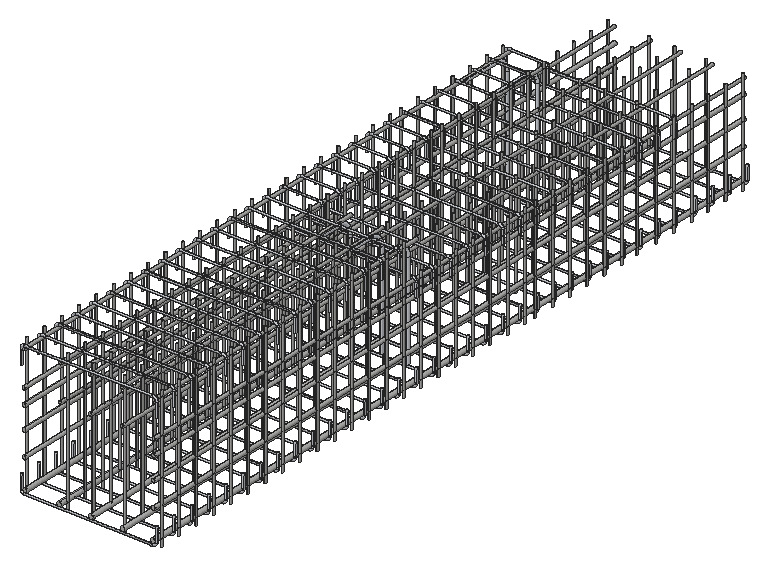
Revit family "261_Каркас пространственный КП4", category Обобщенные модели, Revit 2016 (continued)
Nested families
  nested 249: "361_Арматурная форма 3" at (505.5, 2850, 38) x (1, 0, 0) z (0, 1, 0), Орг.ИдентификацияЭлемента2 <- "Орг.ИдентификацияЭлемента2", Орг.ИдентификацияЭлемента1 <- "Орг.ИдентификацияЭлемента1", Орг.ИдентификацияЭлемента <- "Орг.ИдентификацияЭлемента", Мрк.МаркаКонструкции <- "Мрк.МаркаКонструкции", Мрк.МаркаИзделия3 <- "Мрк.МаркаИзделия3", Мрк.МаркаИзделия2 <- "Мрк.МаркаИзделия2", Мрк.МаркаИзделия1 <- "Мрк.МаркаИзделия1", Мрк.МаркаИзделия <- "Мрк.МаркаИзделия", Орг.УровеньТекстовый <- "Орг.УровеньТекстовый", Орг.ОбознчТома(Комплекта) <- "Орг.ОбознчТома(Комплекта)", Орг.НомерЛистаЭлемента <- "Орг.НомерЛистаЭлемента", type "Параметрический"
    with Рзм.РасчетныйРадиус 22 mm, Рзм.Длина 1166.265 mm, Рзм.Диаметр 12 mm, Орг.УровеньТекстовый "", Орг.ОбознчТома(Комплекта) "", Орг.НомерЛистаЭлемента "", Орг.ИзделиеТипПодсчета 2, Орг.ИдентификацияЭлемента2 "", Орг.ИдентификацияЭлемента1 "", Орг.ИдентификацияЭлемента "", Мсв.Количество 1, Мрк.Обозначение "ГОСТ 5781-82", Мрк.Наименование "Ø12 А240 ГОСТ 5781-82", Мрк.МаркаКонструкции "", Мрк.МаркаИзделия3 "", Мрк.МаркаИзделия2 "", Мрк.МаркаИзделия1 "", Мрк.МаркаИзделия "Каркас пространственный КП 4", Мрк.Марка "5", Арм.РазмерR 16 mm, Арм.РазмерJ 0 mm, Арм.РазмерG 0 mm, Арм.РазмерF 0 mm, Арм.РазмерE 0 mm, Арм.РазмерD 0 mm, Арм.РазмерC 120 mm, Арм.РазмерB 940 mm, Арм.РазмерA 120 mm, Арм.ПогМетрыВкл no, Арм.КоэфНахлеста 1, Арм.Класс 1240
  nested 250: "361_Арматурная форма 3" at (180.454, 2850, 960) x (1, 0, 0) z (0, 1, 0), Орг.ИдентификацияЭлемента2 <- "Орг.ИдентификацияЭлемента2", Орг.ИдентификацияЭлемента1 <- "Орг.ИдентификацияЭлемента1", Орг.ИдентификацияЭлемента <- "Орг.ИдентификацияЭлемента", Мрк.МаркаКонструкции <- "Мрк.МаркаКонструкции", Мрк.МаркаИзделия3 <- "Мрк.МаркаИзделия3", Мрк.МаркаИзделия2 <- "Мрк.МаркаИзделия2", Мрк.МаркаИзделия1 <- "Мрк.МаркаИзделия1", Мрк.МаркаИзделия <- "Мрк.МаркаИзделия", Орг.УровеньТекстовый <- "Орг.УровеньТекстовый", Орг.ОбознчТома(Комплекта) <- "Орг.ОбознчТома(Комплекта)", Орг.НомерЛистаЭлемента <- "Орг.НомерЛистаЭлемента", type "Параметрический"
    with Рзм.РасчетныйРадиус 22 mm, Рзм.Длина 516.265 mm, Рзм.Диаметр 12 mm, Орг.УровеньТекстовый "", Орг.ОбознчТома(Комплекта) "", Орг.НомерЛистаЭлемента "", Орг.ИзделиеТипПодсчета 2, Орг.ИдентификацияЭлемента2 "", Орг.ИдентификацияЭлемента1 "", Орг.ИдентификацияЭлемента "", Мсв.Количество 1, Мрк.Обозначение "ГОСТ 5781-82", Мрк.Наименование "Ø12 А240 ГОСТ 5781-82", Мрк.МаркаКонструкции "", Мрк.МаркаИзделия3 "", Мрк.МаркаИзделия2 "", Мрк.МаркаИзделия1 "", Мрк.МаркаИзделия "Каркас пространственный КП 4", Мрк.Марка "6", Арм.РазмерR 16 mm, Арм.РазмерJ 0 mm, Арм.РазмерG 0 mm, Арм.РазмерF 0 mm, Арм.РазмерE 0 mm, Арм.РазмерD 0 mm, Арм.РазмерC 120 mm, Арм.РазмерB 290 mm, Арм.РазмерA 120 mm, Арм.ПогМетрыВкл no, Арм.КоэфНахлеста 1, Арм.Класс 1240
  nested 251: "361_Арматурная форма 3" at (505.477, 2850, 713.5) x (1, 0, 0) z (0, 1, 0), Орг.ИдентификацияЭлемента2 <- "Орг.ИдентификацияЭлемента2", Орг.ИдентификацияЭлемента1 <- "Орг.ИдентификацияЭлемента1", Орг.ИдентификацияЭлемента <- "Орг.ИдентификацияЭлемента", Мрк.МаркаКонструкции <- "Мрк.МаркаКонструкции", Мрк.МаркаИзделия3 <- "Мрк.МаркаИзделия3", Мрк.МаркаИзделия2 <- "Мрк.МаркаИзделия2", Мрк.МаркаИзделия1 <- "Мрк.МаркаИзделия1", Мрк.МаркаИзделия <- "Мрк.МаркаИзделия", Орг.УровеньТекстовый <- "Орг.УровеньТекстовый", Орг.ОбознчТома(Комплекта) <- "Орг.ОбознчТома(Комплекта)", Орг.НомерЛистаЭлемента <- "Орг.НомерЛистаЭлемента", type "Параметрический"
    with Рзм.РасчетныйРадиус 22 mm, Рзм.Длина 1166.311 mm, Рзм.Диаметр 12 mm, Орг.УровеньТекстовый "", Орг.ОбознчТома(Комплекта) "", Орг.НомерЛистаЭлемента "", Орг.ИзделиеТипПодсчета 2, Орг.ИдентификацияЭлемента2 "", Орг.ИдентификацияЭлемента1 "", Орг.ИдентификацияЭлемента "", Мсв.Количество 1, Мрк.Обозначение "ГОСТ 5781-82", Мрк.Наименование "Ø12 А240 ГОСТ 5781-82", Мрк.МаркаКонструкции "", Мрк.МаркаИзделия3 "", Мрк.МаркаИзделия2 "", Мрк.МаркаИзделия1 "", Мрк.МаркаИзделия "Каркас пространственный КП 4", Мрк.Марка "5", Арм.РазмерR 16 mm, Арм.РазмерJ 0 mm, Арм.РазмерG 0 mm, Арм.РазмерF 0 mm, Арм.РазмерE 0 mm, Арм.РазмерD 0 mm, Арм.РазмерC 120 mm, Арм.РазмерB 940.046 mm, Арм.РазмерA 120 mm, Арм.ПогМетрыВкл no, Арм.КоэфНахлеста 1, Арм.Класс 1240
  nested 252: "361_Арматурная форма 3" at (505.5, 3000, 38) x (1, 0, 0) z (0, 1, 0), Орг.ИдентификацияЭлемента2 <- "Орг.ИдентификацияЭлемента2", Орг.ИдентификацияЭлемента1 <- "Орг.ИдентификацияЭлемента1", Орг.ИдентификацияЭлемента <- "Орг.ИдентификацияЭлемента", Мрк.МаркаКонструкции <- "Мрк.МаркаКонструкции", Мрк.МаркаИзделия3 <- "Мрк.МаркаИзделия3", Мрк.МаркаИзделия2 <- "Мрк.МаркаИзделия2", Мрк.МаркаИзделия1 <- "Мрк.МаркаИзделия1", Мрк.МаркаИзделия <- "Мрк.МаркаИзделия", Орг.УровеньТекстовый <- "Орг.УровеньТекстовый", Орг.ОбознчТома(Комплекта) <- "Орг.ОбознчТома(Комплекта)", Орг.НомерЛистаЭлемента <- "Орг.НомерЛистаЭлемента", type "Параметрический"
    with Рзм.РасчетныйРадиус 22 mm, Рзм.Длина 1166.265 mm, Рзм.Диаметр 12 mm, Орг.УровеньТекстовый "", Орг.ОбознчТома(Комплекта) "", Орг.НомерЛистаЭлемента "", Орг.ИзделиеТипПодсчета 2, Орг.ИдентификацияЭлемента2 "", Орг.ИдентификацияЭлемента1 "", Орг.ИдентификацияЭлемента "", Мсв.Количество 1, Мрк.Обозначение "ГОСТ 5781-82", Мрк.Наименование "Ø12 А240 ГОСТ 5781-82", Мрк.МаркаКонструкции "", Мрк.МаркаИзделия3 "", Мрк.МаркаИзделия2 "", Мрк.МаркаИзделия1 "", Мрк.МаркаИзделия "Каркас пространственный КП 4", Мрк.Марка "5", Арм.РазмерR 16 mm, Арм.РазмерJ 0 mm, Арм.РазмерG 0 mm, Арм.РазмерF 0 mm, Арм.РазмерE 0 mm, Арм.РазмерD 0 mm, Арм.РазмерC 120 mm, Арм.РазмерB 940 mm, Арм.РазмерA 120 mm, Арм.ПогМетрыВкл no, Арм.КоэфНахлеста 1, Арм.Класс 1240
  nested 253: "361_Арматурная форма 3" at (180.454, 3000, 960) x (1, 0, 0) z (0, 1, 0), Орг.ИдентификацияЭлемента2 <- "Орг.ИдентификацияЭлемента2", Орг.ИдентификацияЭлемента1 <- "Орг.ИдентификацияЭлемента1", Орг.ИдентификацияЭлемента <- "Орг.ИдентификацияЭлемента", Мрк.МаркаКонструкции <- "Мрк.МаркаКонструкции", Мрк.МаркаИзделия3 <- "Мрк.МаркаИзделия3", Мрк.МаркаИзделия2 <- "Мрк.МаркаИзделия2", Мрк.МаркаИзделия1 <- "Мрк.МаркаИзделия1", Мрк.МаркаИзделия <- "Мрк.МаркаИзделия", Орг.УровеньТекстовый <- "Орг.УровеньТекстовый", Орг.ОбознчТома(Комплекта) <- "Орг.ОбознчТома(Комплекта)", Орг.НомерЛистаЭлемента <- "Орг.НомерЛистаЭлемента", type "Параметрический"
    with Рзм.РасчетныйРадиус 22 mm, Рзм.Длина 516.265 mm, Рзм.Диаметр 12 mm, Орг.УровеньТекстовый "", Орг.ОбознчТома(Комплекта) "", Орг.НомерЛистаЭлемента "", Орг.ИзделиеТипПодсчета 2, Орг.ИдентификацияЭлемента2 "", Орг.ИдентификацияЭлемента1 "", Орг.ИдентификацияЭлемента "", Мсв.Количество 1, Мрк.Обозначение "ГОСТ 5781-82", Мрк.Наименование "Ø12 А240 ГОСТ 5781-82", Мрк.МаркаКонструкции "", Мрк.МаркаИзделия3 "", Мрк.МаркаИзделия2 "", Мрк.МаркаИзделия1 "", Мрк.МаркаИзделия "Каркас пространственный КП 4", Мрк.Марка "6", Арм.РазмерR 16 mm, Арм.РазмерJ 0 mm, Арм.РазмерG 0 mm, Арм.РазмерF 0 mm, Арм.РазмерE 0 mm, Арм.РазмерD 0 mm, Арм.РазмерC 120 mm, Арм.РазмерB 290 mm, Арм.РазмерA 120 mm, Арм.ПогМетрыВкл no, Арм.КоэфНахлеста 1, Арм.Класс 1240
  nested 254: "361_Арматурная форма 3" at (505.477, 3000, 713.5) x (1, 0, 0) z (0, 1, 0), Орг.ИдентификацияЭлемента2 <- "Орг.ИдентификацияЭлемента2", Орг.ИдентификацияЭлемента1 <- "Орг.ИдентификацияЭлемента1", Орг.ИдентификацияЭлемента <- "Орг.ИдентификацияЭлемента", Мрк.МаркаКонструкции <- "Мрк.МаркаКонструкции", Мрк.МаркаИзделия3 <- "Мрк.МаркаИзделия3", Мрк.МаркаИзделия2 <- "Мрк.МаркаИзделия2", Мрк.МаркаИзделия1 <- "Мрк.МаркаИзделия1", Мрк.МаркаИзделия <- "Мрк.МаркаИзделия", Орг.УровеньТекстовый <- "Орг.УровеньТекстовый", Орг.ОбознчТома(Комплекта) <- "Орг.ОбознчТома(Комплекта)", Орг.НомерЛистаЭлемента <- "Орг.НомерЛистаЭлемента", type "Параметрический"
    with Рзм.РасчетныйРадиус 22 mm, Рзм.Длина 1166.311 mm, Рзм.Диаметр 12 mm, Орг.УровеньТекстовый "", Орг.ОбознчТома(Комплекта) "", Орг.НомерЛистаЭлемента "", Орг.ИзделиеТипПодсчета 2, Орг.ИдентификацияЭлемента2 "", Орг.ИдентификацияЭлемента1 "", Орг.ИдентификацияЭлемента "", Мсв.Количество 1, Мрк.Обозначение "ГОСТ 5781-82", Мрк.Наименование "Ø12 А240 ГОСТ 5781-82", Мрк.МаркаКонструкции "", Мрк.МаркаИзделия3 "", Мрк.МаркаИзделия2 "", Мрк.МаркаИзделия1 "", Мрк.МаркаИзделия "Каркас пространственный КП 4", Мрк.Марка "5", Арм.РазмерR 16 mm, Арм.РазмерJ 0 mm, Арм.РазмерG 0 mm, Арм.РазмерF 0 mm, Арм.РазмерE 0 mm, Арм.РазмерD 0 mm, Арм.РазмерC 120 mm, Арм.РазмерB 940.046 mm, Арм.РазмерA 120 mm, Арм.ПогМетрыВкл no, Арм.КоэфНахлеста 1, Арм.Класс 1240
  nested 255: "361_Арматурная форма 3" at (505.5, 3150, 38) x (1, 0, 0) z (0, 1, 0), Орг.ИдентификацияЭлемента2 <- "Орг.ИдентификацияЭлемента2", Орг.ИдентификацияЭлемента1 <- "Орг.ИдентификацияЭлемента1", Орг.ИдентификацияЭлемента <- "Орг.ИдентификацияЭлемента", Мрк.МаркаКонструкции <- "Мрк.МаркаКонструкции", Мрк.МаркаИзделия3 <- "Мрк.МаркаИзделия3", Мрк.МаркаИзделия2 <- "Мрк.МаркаИзделия2", Мрк.МаркаИзделия1 <- "Мрк.МаркаИзделия1", Мрк.МаркаИзделия <- "Мрк.МаркаИзделия", Орг.УровеньТекстовый <- "Орг.УровеньТекстовый", Орг.ОбознчТома(Комплекта) <- "Орг.ОбознчТома(Комплекта)", Орг.НомерЛистаЭлемента <- "Орг.НомерЛистаЭлемента", type "Параметрический"
    with Рзм.РасчетныйРадиус 22 mm, Рзм.Длина 1166.265 mm, Рзм.Диаметр 12 mm, Орг.УровеньТекстовый "", Орг.ОбознчТома(Комплекта) "", Орг.НомерЛистаЭлемента "", Орг.ИзделиеТипПодсчета 2, Орг.ИдентификацияЭлемента2 "", Орг.ИдентификацияЭлемента1 "", Орг.ИдентификацияЭлемента "", Мсв.Количество 1, Мрк.Обозначение "ГОСТ 5781-82", Мрк.Наименование "Ø12 А240 ГОСТ 5781-82", Мрк.МаркаКонструкции "", Мрк.МаркаИзделия3 "", Мрк.МаркаИзделия2 "", Мрк.МаркаИзделия1 "", Мрк.МаркаИзделия "Каркас пространственный КП 4", Мрк.Марка "5", Арм.РазмерR 16 mm, Арм.РазмерJ 0 mm, Арм.РазмерG 0 mm, Арм.РазмерF 0 mm, Арм.РазмерE 0 mm, Арм.РазмерD 0 mm, Арм.РазмерC 120 mm, Арм.РазмерB 940 mm, Арм.РазмерA 120 mm, Арм.ПогМетрыВкл no, Арм.КоэфНахлеста 1, Арм.Класс 1240
  nested 256: "361_Арматурная форма 3" at (180.454, 3150, 960) x (1, 0, 0) z (0, 1, 0), Орг.ИдентификацияЭлемента2 <- "Орг.ИдентификацияЭлемента2", Орг.ИдентификацияЭлемента1 <- "Орг.ИдентификацияЭлемента1", Орг.ИдентификацияЭлемента <- "Орг.ИдентификацияЭлемента", Мрк.МаркаКонструкции <- "Мрк.МаркаКонструкции", Мрк.МаркаИзделия3 <- "Мрк.МаркаИзделия3", Мрк.МаркаИзделия2 <- "Мрк.МаркаИзделия2", Мрк.МаркаИзделия1 <- "Мрк.МаркаИзделия1", Мрк.МаркаИзделия <- "Мрк.МаркаИзделия", Орг.УровеньТекстовый <- "Орг.УровеньТекстовый", Орг.ОбознчТома(Комплекта) <- "Орг.ОбознчТома(Комплекта)", Орг.НомерЛистаЭлемента <- "Орг.НомерЛистаЭлемента", type "Параметрический"
    with Рзм.РасчетныйРадиус 22 mm, Рзм.Длина 516.265 mm, Рзм.Диаметр 12 mm, Орг.УровеньТекстовый "", Орг.ОбознчТома(Комплекта) "", Орг.НомерЛистаЭлемента "", Орг.ИзделиеТипПодсчета 2, Орг.ИдентификацияЭлемента2 "", Орг.ИдентификацияЭлемента1 "", Орг.ИдентификацияЭлемента "", Мсв.Количество 1, Мрк.Обозначение "ГОСТ 5781-82", Мрк.Наименование "Ø12 А240 ГОСТ 5781-82", Мрк.МаркаКонструкции "", Мрк.МаркаИзделия3 "", Мрк.МаркаИзделия2 "", Мрк.МаркаИзделия1 "", Мрк.МаркаИзделия "Каркас пространственный КП 4", Мрк.Марка "6", Арм.РазмерR 16 mm, Арм.РазмерJ 0 mm, Арм.РазмерG 0 mm, Арм.РазмерF 0 mm, Арм.РазмерE 0 mm, Арм.РазмерD 0 mm, Арм.РазмерC 120 mm, Арм.РазмерB 290 mm, Арм.РазмерA 120 mm, Арм.ПогМетрыВкл no, Арм.КоэфНахлеста 1, Арм.Класс 1240
  nested 257: "361_Арматурная форма 3" at (505.477, 3150, 713.5) x (1, 0, 0) z (0, 1, 0), Орг.ИдентификацияЭлемента2 <- "Орг.ИдентификацияЭлемента2", Орг.ИдентификацияЭлемента1 <- "Орг.ИдентификацияЭлемента1", Орг.ИдентификацияЭлемента <- "Орг.ИдентификацияЭлемента", Мрк.МаркаКонструкции <- "Мрк.МаркаКонструкции", Мрк.МаркаИзделия3 <- "Мрк.МаркаИзделия3", Мрк.МаркаИзделия2 <- "Мрк.МаркаИзделия2", Мрк.МаркаИзделия1 <- "Мрк.МаркаИзделия1", Мрк.МаркаИзделия <- "Мрк.МаркаИзделия", Орг.УровеньТекстовый <- "Орг.УровеньТекстовый", Орг.ОбознчТома(Комплекта) <- "Орг.ОбознчТома(Комплекта)", Орг.НомерЛистаЭлемента <- "Орг.НомерЛистаЭлемента", type "Параметрический"
    with Рзм.РасчетныйРадиус 22 mm, Рзм.Длина 1166.311 mm, Рзм.Диаметр 12 mm, Орг.УровеньТекстовый "", Орг.ОбознчТома(Комплекта) "", Орг.НомерЛистаЭлемента "", Орг.ИзделиеТипПодсчета 2, Орг.ИдентификацияЭлемента2 "", Орг.ИдентификацияЭлемента1 "", Орг.ИдентификацияЭлемента "", Мсв.Количество 1, Мрк.Обозначение "ГОСТ 5781-82", Мрк.Наименование "Ø12 А240 ГОСТ 5781-82", Мрк.МаркаКонструкции "", Мрк.МаркаИзделия3 "", Мрк.МаркаИзделия2 "", Мрк.МаркаИзделия1 "", Мрк.МаркаИзделия "Каркас пространственный КП 4", Мрк.Марка "5", Арм.РазмерR 16 mm, Арм.РазмерJ 0 mm, Арм.РазмерG 0 mm, Арм.РазмерF 0 mm, Арм.РазмерE 0 mm, Арм.РазмерD 0 mm, Арм.РазмерC 120 mm, Арм.РазмерB 940.046 mm, Арм.РазмерA 120 mm, Арм.ПогМетрыВкл no, Арм.КоэфНахлеста 1, Арм.Класс 1240
  nested 258: "361_Арматурная форма 3" at (505.5, 3300, 38) x (1, 0, 0) z (0, 1, 0), Орг.ИдентификацияЭлемента2 <- "Орг.ИдентификацияЭлемента2", Орг.ИдентификацияЭлемента1 <- "Орг.ИдентификацияЭлемента1", Орг.ИдентификацияЭлемента <- "Орг.ИдентификацияЭлемента", Мрк.МаркаКонструкции <- "Мрк.МаркаКонструкции", Мрк.МаркаИзделия3 <- "Мрк.МаркаИзделия3", Мрк.МаркаИзделия2 <- "Мрк.МаркаИзделия2", Мрк.МаркаИзделия1 <- "Мрк.МаркаИзделия1", Мрк.МаркаИзделия <- "Мрк.МаркаИзделия", Орг.УровеньТекстовый <- "Орг.УровеньТекстовый", Орг.ОбознчТома(Комплекта) <- "Орг.ОбознчТома(Комплекта)", Орг.НомерЛистаЭлемента <- "Орг.НомерЛистаЭлемента", type "Параметрический"
    with Рзм.РасчетныйРадиус 22 mm, Рзм.Длина 1166.265 mm, Рзм.Диаметр 12 mm, Орг.УровеньТекстовый "", Орг.ОбознчТома(Комплекта) "", Орг.НомерЛистаЭлемента "", Орг.ИзделиеТипПодсчета 2, Орг.ИдентификацияЭлемента2 "", Орг.ИдентификацияЭлемента1 "", Орг.ИдентификацияЭлемента "", Мсв.Количество 1, Мрк.Обозначение "ГОСТ 5781-82", Мрк.Наименование "Ø12 А240 ГОСТ 5781-82", Мрк.МаркаКонструкции "", Мрк.МаркаИзделия3 "", Мрк.МаркаИзделия2 "", Мрк.МаркаИзделия1 "", Мрк.МаркаИзделия "Каркас пространственный КП 4", Мрк.Марка "5", Арм.РазмерR 16 mm, Арм.РазмерJ 0 mm, Арм.РазмерG 0 mm, Арм.РазмерF 0 mm, Арм.РазмерE 0 mm, Арм.РазмерD 0 mm, Арм.РазмерC 120 mm, Арм.РазмерB 940 mm, Арм.РазмерA 120 mm, Арм.ПогМетрыВкл no, Арм.КоэфНахлеста 1, Арм.Класс 1240
  nested 259: "361_Арматурная форма 3" at (180.454, 3300, 960) x (1, 0, 0) z (0, 1, 0), Орг.ИдентификацияЭлемента2 <- "Орг.ИдентификацияЭлемента2", Орг.ИдентификацияЭлемента1 <- "Орг.ИдентификацияЭлемента1", Орг.ИдентификацияЭлемента <- "Орг.ИдентификацияЭлемента", Мрк.МаркаКонструкции <- "Мрк.МаркаКонструкции", Мрк.МаркаИзделия3 <- "Мрк.МаркаИзделия3", Мрк.МаркаИзделия2 <- "Мрк.МаркаИзделия2", Мрк.МаркаИзделия1 <- "Мрк.МаркаИзделия1", Мрк.МаркаИзделия <- "Мрк.МаркаИзделия", Орг.УровеньТекстовый <- "Орг.УровеньТекстовый", Орг.ОбознчТома(Комплекта) <- "Орг.ОбознчТома(Комплекта)", Орг.НомерЛистаЭлемента <- "Орг.НомерЛистаЭлемента", type "Параметрический"
    with Рзм.РасчетныйРадиус 22 mm, Рзм.Длина 516.265 mm, Рзм.Диаметр 12 mm, Орг.УровеньТекстовый "", Орг.ОбознчТома(Комплекта) "", Орг.НомерЛистаЭлемента "", Орг.ИзделиеТипПодсчета 2, Орг.ИдентификацияЭлемента2 "", Орг.ИдентификацияЭлемента1 "", Орг.ИдентификацияЭлемента "", Мсв.Количество 1, Мрк.Обозначение "ГОСТ 5781-82", Мрк.Наименование "Ø12 А240 ГОСТ 5781-82", Мрк.МаркаКонструкции "", Мрк.МаркаИзделия3 "", Мрк.МаркаИзделия2 "", Мрк.МаркаИзделия1 "", Мрк.МаркаИзделия "Каркас пространственный КП 4", Мрк.Марка "6", Арм.РазмерR 16 mm, Арм.РазмерJ 0 mm, Арм.РазмерG 0 mm, Арм.РазмерF 0 mm, Арм.РазмерE 0 mm, Арм.РазмерD 0 mm, Арм.РазмерC 120 mm, Арм.РазмерB 290 mm, Арм.РазмерA 120 mm, Арм.ПогМетрыВкл no, Арм.КоэфНахлеста 1, Арм.Класс 1240
  nested 260: "361_Арматурная форма 3" at (505.477, 3300, 713.5) x (1, 0, 0) z (0, 1, 0), Орг.ИдентификацияЭлемента2 <- "Орг.ИдентификацияЭлемента2", Орг.ИдентификацияЭлемента1 <- "Орг.ИдентификацияЭлемента1", Орг.ИдентификацияЭлемента <- "Орг.ИдентификацияЭлемента", Мрк.МаркаКонструкции <- "Мрк.МаркаКонструкции", Мрк.МаркаИзделия3 <- "Мрк.МаркаИзделия3", Мрк.МаркаИзделия2 <- "Мрк.МаркаИзделия2", Мрк.МаркаИзделия1 <- "Мрк.МаркаИзделия1", Мрк.МаркаИзделия <- "Мрк.МаркаИзделия", Орг.УровеньТекстовый <- "Орг.УровеньТекстовый", Орг.ОбознчТома(Комплекта) <- "Орг.ОбознчТома(Комплекта)", Орг.НомерЛистаЭлемента <- "Орг.НомерЛистаЭлемента", type "Параметрический"
    with Рзм.РасчетныйРадиус 22 mm, Рзм.Длина 1166.311 mm, Рзм.Диаметр 12 mm, Орг.УровеньТекстовый "", Орг.ОбознчТома(Комплекта) "", Орг.НомерЛистаЭлемента "", Орг.ИзделиеТипПодсчета 2, Орг.ИдентификацияЭлемента2 "", Орг.ИдентификацияЭлемента1 "", Орг.ИдентификацияЭлемента "", Мсв.Количество 1, Мрк.Обозначение "ГОСТ 5781-82", Мрк.Наименование "Ø12 А240 ГОСТ 5781-82", Мрк.МаркаКонструкции "", Мрк.МаркаИзделия3 "", Мрк.МаркаИзделия2 "", Мрк.МаркаИзделия1 "", Мрк.МаркаИзделия "Каркас пространственный КП 4", Мрк.Марка "5", Арм.РазмерR 16 mm, Арм.РазмерJ 0 mm, Арм.РазмерG 0 mm, Арм.РазмерF 0 mm, Арм.РазмерE 0 mm, Арм.РазмерD 0 mm, Арм.РазмерC 120 mm, Арм.РазмерB 940.046 mm, Арм.РазмерA 120 mm, Арм.ПогМетрыВкл no, Арм.КоэфНахлеста 1, Арм.Класс 1240
  nested 261: "361_Арматурная форма 3" at (505.5, 3450, 38) x (1, 0, 0) z (0, 1, 0), Орг.ИдентификацияЭлемента2 <- "Орг.ИдентификацияЭлемента2", Орг.ИдентификацияЭлемента1 <- "Орг.ИдентификацияЭлемента1", Орг.ИдентификацияЭлемента <- "Орг.ИдентификацияЭлемента", Мрк.МаркаКонструкции <- "Мрк.МаркаКонструкции", Мрк.МаркаИзделия3 <- "Мрк.МаркаИзделия3", Мрк.МаркаИзделия2 <- "Мрк.МаркаИзделия2", Мрк.МаркаИзделия1 <- "Мрк.МаркаИзделия1", Мрк.МаркаИзделия <- "Мрк.МаркаИзделия", Орг.УровеньТекстовый <- "Орг.УровеньТекстовый", Орг.ОбознчТома(Комплекта) <- "Орг.ОбознчТома(Комплекта)", Орг.НомерЛистаЭлемента <- "Орг.НомерЛистаЭлемента", type "Параметрический"
    with Рзм.РасчетныйРадиус 22 mm, Рзм.Длина 1166.265 mm, Рзм.Диаметр 12 mm, Орг.УровеньТекстовый "", Орг.ОбознчТома(Комплекта) "", Орг.НомерЛистаЭлемента "", Орг.ИзделиеТипПодсчета 2, Орг.ИдентификацияЭлемента2 "", Орг.ИдентификацияЭлемента1 "", Орг.ИдентификацияЭлемента "", Мсв.Количество 1, Мрк.Обозначение "ГОСТ 5781-82", Мрк.Наименование "Ø12 А240 ГОСТ 5781-82", Мрк.МаркаКонструкции "", Мрк.МаркаИзделия3 "", Мрк.МаркаИзделия2 "", Мрк.МаркаИзделия1 "", Мрк.МаркаИзделия "Каркас пространственный КП 4", Мрк.Марка "5", Арм.РазмерR 16 mm, Арм.РазмерJ 0 mm, Арм.РазмерG 0 mm, Арм.РазмерF 0 mm, Арм.РазмерE 0 mm, Арм.РазмерD 0 mm, Арм.РазмерC 120 mm, Арм.РазмерB 940 mm, Арм.РазмерA 120 mm, Арм.ПогМетрыВкл no, Арм.КоэфНахлеста 1, Арм.Класс 1240
  nested 262: "361_Арматурная форма 3" at (180.454, 3450, 960) x (1, 0, 0) z (0, 1, 0), Орг.ИдентификацияЭлемента2 <- "Орг.ИдентификацияЭлемента2", Орг.ИдентификацияЭлемента1 <- "Орг.ИдентификацияЭлемента1", Орг.ИдентификацияЭлемента <- "Орг.ИдентификацияЭлемента", Мрк.МаркаКонструкции <- "Мрк.МаркаКонструкции", Мрк.МаркаИзделия3 <- "Мрк.МаркаИзделия3", Мрк.МаркаИзделия2 <- "Мрк.МаркаИзделия2", Мрк.МаркаИзделия1 <- "Мрк.МаркаИзделия1", Мрк.МаркаИзделия <- "Мрк.МаркаИзделия", Орг.УровеньТекстовый <- "Орг.УровеньТекстовый", Орг.ОбознчТома(Комплекта) <- "Орг.ОбознчТома(Комплекта)", Орг.НомерЛистаЭлемента <- "Орг.НомерЛистаЭлемента", type "Параметрический"
    with Рзм.РасчетныйРадиус 22 mm, Рзм.Длина 516.265 mm, Рзм.Диаметр 12 mm, Орг.УровеньТекстовый "", Орг.ОбознчТома(Комплекта) "", Орг.НомерЛистаЭлемента "", Орг.ИзделиеТипПодсчета 2, Орг.ИдентификацияЭлемента2 "", Орг.ИдентификацияЭлемента1 "", Орг.ИдентификацияЭлемента "", Мсв.Количество 1, Мрк.Обозначение "ГОСТ 5781-82", Мрк.Наименование "Ø12 А240 ГОСТ 5781-82", Мрк.МаркаКонструкции "", Мрк.МаркаИзделия3 "", Мрк.МаркаИзделия2 "", Мрк.МаркаИзделия1 "", Мрк.МаркаИзделия "Каркас пространственный КП 4", Мрк.Марка "6", Арм.РазмерR 16 mm, Арм.РазмерJ 0 mm, Арм.РазмерG 0 mm, Арм.РазмерF 0 mm, Арм.РазмерE 0 mm, Арм.РазмерD 0 mm, Арм.РазмерC 120 mm, Арм.РазмерB 290 mm, Арм.РазмерA 120 mm, Арм.ПогМетрыВкл no, Арм.КоэфНахлеста 1, Арм.Класс 1240
  nested 263: "361_Арматурная форма 3" at (505.477, 3450, 713.5) x (1, 0, 0) z (0, 1, 0), Орг.ИдентификацияЭлемента2 <- "Орг.ИдентификацияЭлемента2", Орг.ИдентификацияЭлемента1 <- "Орг.ИдентификацияЭлемента1", Орг.ИдентификацияЭлемента <- "Орг.ИдентификацияЭлемента", Мрк.МаркаКонструкции <- "Мрк.МаркаКонструкции", Мрк.МаркаИзделия3 <- "Мрк.МаркаИзделия3", Мрк.МаркаИзделия2 <- "Мрк.МаркаИзделия2", Мрк.МаркаИзделия1 <- "Мрк.МаркаИзделия1", Мрк.МаркаИзделия <- "Мрк.МаркаИзделия", Орг.УровеньТекстовый <- "Орг.УровеньТекстовый", Орг.ОбознчТома(Комплекта) <- "Орг.ОбознчТома(Комплекта)", Орг.НомерЛистаЭлемента <- "Орг.НомерЛистаЭлемента", type "Параметрический"
    with Рзм.РасчетныйРадиус 22 mm, Рзм.Длина 1166.311 mm, Рзм.Диаметр 12 mm, Орг.УровеньТекстовый "", Орг.ОбознчТома(Комплекта) "", Орг.НомерЛистаЭлемента "", Орг.ИзделиеТипПодсчета 2, Орг.ИдентификацияЭлемента2 "", Орг.ИдентификацияЭлемента1 "", Орг.ИдентификацияЭлемента "", Мсв.Количество 1, Мрк.Обозначение "ГОСТ 5781-82", Мрк.Наименование "Ø12 А240 ГОСТ 5781-82", Мрк.МаркаКонструкции "", Мрк.МаркаИзделия3 "", Мрк.МаркаИзделия2 "", Мрк.МаркаИзделия1 "", Мрк.МаркаИзделия "Каркас пространственный КП 4", Мрк.Марка "5", Арм.РазмерR 16 mm, Арм.РазмерJ 0 mm, Арм.РазмерG 0 mm, Арм.РазмерF 0 mm, Арм.РазмерE 0 mm, Арм.РазмерD 0 mm, Арм.РазмерC 120 mm, Арм.РазмерB 940.046 mm, Арм.РазмерA 120 mm, Арм.ПогМетрыВкл no, Арм.КоэфНахлеста 1, Арм.Класс 1240
  nested 264: "361_Арматурная форма 3" at (505.5, 3600, 38) x (1, 0, 0) z (0, 1, 0), Орг.ИдентификацияЭлемента2 <- "Орг.ИдентификацияЭлемента2", Орг.ИдентификацияЭлемента1 <- "Орг.ИдентификацияЭлемента1", Орг.ИдентификацияЭлемента <- "Орг.ИдентификацияЭлемента", Мрк.МаркаКонструкции <- "Мрк.МаркаКонструкции", Мрк.МаркаИзделия3 <- "Мрк.МаркаИзделия3", Мрк.МаркаИзделия2 <- "Мрк.МаркаИзделия2", Мрк.МаркаИзделия1 <- "Мрк.МаркаИзделия1", Мрк.МаркаИзделия <- "Мрк.МаркаИзделия", Орг.УровеньТекстовый <- "Орг.УровеньТекстовый", Орг.ОбознчТома(Комплекта) <- "Орг.ОбознчТома(Комплекта)", Орг.НомерЛистаЭлемента <- "Орг.НомерЛистаЭлемента", type "Параметрический"
    with Рзм.РасчетныйРадиус 22 mm, Рзм.Длина 1166.265 mm, Рзм.Диаметр 12 mm, Орг.УровеньТекстовый "", Орг.ОбознчТома(Комплекта) "", Орг.НомерЛистаЭлемента "", Орг.ИзделиеТипПодсчета 2, Орг.ИдентификацияЭлемента2 "", Орг.ИдентификацияЭлемента1 "", Орг.ИдентификацияЭлемента "", Мсв.Количество 1, Мрк.Обозначение "ГОСТ 5781-82", Мрк.Наименование "Ø12 А240 ГОСТ 5781-82", Мрк.МаркаКонструкции "", Мрк.МаркаИзделия3 "", Мрк.МаркаИзделия2 "", Мрк.МаркаИзделия1 "", Мрк.МаркаИзделия "Каркас пространственный КП 4", Мрк.Марка "5", Арм.РазмерR 16 mm, Арм.РазмерJ 0 mm, Арм.РазмерG 0 mm, Арм.РазмерF 0 mm, Арм.РазмерE 0 mm, Арм.РазмерD 0 mm, Арм.РазмерC 120 mm, Арм.РазмерB 940 mm, Арм.РазмерA 120 mm, Арм.ПогМетрыВкл no, Арм.КоэфНахлеста 1, Арм.Класс 1240
  nested 265: "361_Арматурная форма 3" at (180.454, 3600, 960) x (1, 0, 0) z (0, 1, 0), Орг.ИдентификацияЭлемента2 <- "Орг.ИдентификацияЭлемента2", Орг.ИдентификацияЭлемента1 <- "Орг.ИдентификацияЭлемента1", Орг.ИдентификацияЭлемента <- "Орг.ИдентификацияЭлемента", Мрк.МаркаКонструкции <- "Мрк.МаркаКонструкции", Мрк.МаркаИзделия3 <- "Мрк.МаркаИзделия3", Мрк.МаркаИзделия2 <- "Мрк.МаркаИзделия2", Мрк.МаркаИзделия1 <- "Мрк.МаркаИзделия1", Мрк.МаркаИзделия <- "Мрк.МаркаИзделия", Орг.УровеньТекстовый <- "Орг.УровеньТекстовый", Орг.ОбознчТома(Комплекта) <- "Орг.ОбознчТома(Комплекта)", Орг.НомерЛистаЭлемента <- "Орг.НомерЛистаЭлемента", type "Параметрический"
    with Рзм.РасчетныйРадиус 22 mm, Рзм.Длина 516.265 mm, Рзм.Диаметр 12 mm, Орг.УровеньТекстовый "", Орг.ОбознчТома(Комплекта) "", Орг.НомерЛистаЭлемента "", Орг.ИзделиеТипПодсчета 2, Орг.ИдентификацияЭлемента2 "", Орг.ИдентификацияЭлемента1 "", Орг.ИдентификацияЭлемента "", Мсв.Количество 1, Мрк.Обозначение "ГОСТ 5781-82", Мрк.Наименование "Ø12 А240 ГОСТ 5781-82", Мрк.МаркаКонструкции "", Мрк.МаркаИзделия3 "", Мрк.МаркаИзделия2 "", Мрк.МаркаИзделия1 "", Мрк.МаркаИзделия "Каркас пространственный КП 4", Мрк.Марка "6", Арм.РазмерR 16 mm, Арм.РазмерJ 0 mm, Арм.РазмерG 0 mm, Арм.РазмерF 0 mm, Арм.РазмерE 0 mm, Арм.РазмерD 0 mm, Арм.РазмерC 120 mm, Арм.РазмерB 290 mm, Арм.РазмерA 120 mm, Арм.ПогМетрыВкл no, Арм.КоэфНахлеста 1, Арм.Класс 1240
  nested 266: "361_Арматурная форма 3" at (505.477, 3600, 713.5) x (1, 0, 0) z (0, 1, 0), Орг.ИдентификацияЭлемента2 <- "Орг.ИдентификацияЭлемента2", Орг.ИдентификацияЭлемента1 <- "Орг.ИдентификацияЭлемента1", Орг.ИдентификацияЭлемента <- "Орг.ИдентификацияЭлемента", Мрк.МаркаКонструкции <- "Мрк.МаркаКонструкции", Мрк.МаркаИзделия3 <- "Мрк.МаркаИзделия3", Мрк.МаркаИзделия2 <- "Мрк.МаркаИзделия2", Мрк.МаркаИзделия1 <- "Мрк.МаркаИзделия1", Мрк.МаркаИзделия <- "Мрк.МаркаИзделия", Орг.УровеньТекстовый <- "Орг.УровеньТекстовый", Орг.ОбознчТома(Комплекта) <- "Орг.ОбознчТома(Комплекта)", Орг.НомерЛистаЭлемента <- "Орг.НомерЛистаЭлемента", type "Параметрический"
    with Рзм.РасчетныйРадиус 22 mm, Рзм.Длина 1166.311 mm, Рзм.Диаметр 12 mm, Орг.УровеньТекстовый "", Орг.ОбознчТома(Комплекта) "", Орг.НомерЛистаЭлемента "", Орг.ИзделиеТипПодсчета 2, Орг.ИдентификацияЭлемента2 "", Орг.ИдентификацияЭлемента1 "", Орг.ИдентификацияЭлемента "", Мсв.Количество 1, Мрк.Обозначение "ГОСТ 5781-82", Мрк.Наименование "Ø12 А240 ГОСТ 5781-82", Мрк.МаркаКонструкции "", Мрк.МаркаИзделия3 "", Мрк.МаркаИзделия2 "", Мрк.МаркаИзделия1 "", Мрк.МаркаИзделия "Каркас пространственный КП 4", Мрк.Марка "5", Арм.РазмерR 16 mm, Арм.РазмерJ 0 mm, Арм.РазмерG 0 mm, Арм.РазмерF 0 mm, Арм.РазмерE 0 mm, Арм.РазмерD 0 mm, Арм.РазмерC 120 mm, Арм.РазмерB 940.046 mm, Арм.РазмерA 120 mm, Арм.ПогМетрыВкл no, Арм.КоэфНахлеста 1, Арм.Класс 1240
  nested 267: "361_Арматурная форма 3" at (505.5, 3750, 38) x (1, 0, 0) z (0, 1, 0), Орг.ИдентификацияЭлемента2 <- "Орг.ИдентификацияЭлемента2", Орг.ИдентификацияЭлемента1 <- "Орг.ИдентификацияЭлемента1", Орг.ИдентификацияЭлемента <- "Орг.ИдентификацияЭлемента", Мрк.МаркаКонструкции <- "Мрк.МаркаКонструкции", Мрк.МаркаИзделия3 <- "Мрк.МаркаИзделия3", Мрк.МаркаИзделия2 <- "Мрк.МаркаИзделия2", Мрк.МаркаИзделия1 <- "Мрк.МаркаИзделия1", Мрк.МаркаИзделия <- "Мрк.МаркаИзделия", Орг.УровеньТекстовый <- "Орг.УровеньТекстовый", Орг.ОбознчТома(Комплекта) <- "Орг.ОбознчТома(Комплекта)", Орг.НомерЛистаЭлемента <- "Орг.НомерЛистаЭлемента", type "Параметрический"
    with Рзм.РасчетныйРадиус 22 mm, Рзм.Длина 1166.265 mm, Рзм.Диаметр 12 mm, Орг.УровеньТекстовый "", Орг.ОбознчТома(Комплекта) "", Орг.НомерЛистаЭлемента "", Орг.ИзделиеТипПодсчета 2, Орг.ИдентификацияЭлемента2 "", Орг.ИдентификацияЭлемента1 "", Орг.ИдентификацияЭлемента "", Мсв.Количество 1, Мрк.Обозначение "ГОСТ 5781-82", Мрк.Наименование "Ø12 А240 ГОСТ 5781-82", Мрк.МаркаКонструкции "", Мрк.МаркаИзделия3 "", Мрк.МаркаИзделия2 "", Мрк.МаркаИзделия1 "", Мрк.МаркаИзделия "Каркас пространственный КП 4", Мрк.Марка "5", Арм.РазмерR 16 mm, Арм.РазмерJ 0 mm, Арм.РазмерG 0 mm, Арм.РазмерF 0 mm, Арм.РазмерE 0 mm, Арм.РазмерD 0 mm, Арм.РазмерC 120 mm, Арм.РазмерB 940 mm, Арм.РазмерA 120 mm, Арм.ПогМетрыВкл no, Арм.КоэфНахлеста 1, Арм.Класс 1240
  nested 268: "361_Арматурная форма 3" at (180.454, 3750, 960) x (1, 0, 0) z (0, 1, 0), Орг.ИдентификацияЭлемента2 <- "Орг.ИдентификацияЭлемента2", Орг.ИдентификацияЭлемента1 <- "Орг.ИдентификацияЭлемента1", Орг.ИдентификацияЭлемента <- "Орг.ИдентификацияЭлемента", Мрк.МаркаКонструкции <- "Мрк.МаркаКонструкции", Мрк.МаркаИзделия3 <- "Мрк.МаркаИзделия3", Мрк.МаркаИзделия2 <- "Мрк.МаркаИзделия2", Мрк.МаркаИзделия1 <- "Мрк.МаркаИзделия1", Мрк.МаркаИзделия <- "Мрк.МаркаИзделия", Орг.УровеньТекстовый <- "Орг.УровеньТекстовый", Орг.ОбознчТома(Комплекта) <- "Орг.ОбознчТома(Комплекта)", Орг.НомерЛистаЭлемента <- "Орг.НомерЛистаЭлемента", type "Параметрический"
    with Рзм.РасчетныйРадиус 22 mm, Рзм.Длина 516.265 mm, Рзм.Диаметр 12 mm, Орг.УровеньТекстовый "", Орг.ОбознчТома(Комплекта) "", Орг.НомерЛистаЭлемента "", Орг.ИзделиеТипПодсчета 2, Орг.ИдентификацияЭлемента2 "", Орг.ИдентификацияЭлемента1 "", Орг.ИдентификацияЭлемента "", Мсв.Количество 1, Мрк.Обозначение "ГОСТ 5781-82", Мрк.Наименование "Ø12 А240 ГОСТ 5781-82", Мрк.МаркаКонструкции "", Мрк.МаркаИзделия3 "", Мрк.МаркаИзделия2 "", Мрк.МаркаИзделия1 "", Мрк.МаркаИзделия "Каркас пространственный КП 4", Мрк.Марка "6", Арм.РазмерR 16 mm, Арм.РазмерJ 0 mm, Арм.РазмерG 0 mm, Арм.РазмерF 0 mm, Арм.РазмерE 0 mm, Арм.РазмерD 0 mm, Арм.РазмерC 120 mm, Арм.РазмерB 290 mm, Арм.РазмерA 120 mm, Арм.ПогМетрыВкл no, Арм.КоэфНахлеста 1, Арм.Класс 1240
  nested 269: "361_Арматурная форма 3" at (505.477, 3750, 713.5) x (1, 0, 0) z (0, 1, 0), Орг.ИдентификацияЭлемента2 <- "Орг.ИдентификацияЭлемента2", Орг.ИдентификацияЭлемента1 <- "Орг.ИдентификацияЭлемента1", Орг.ИдентификацияЭлемента <- "Орг.ИдентификацияЭлемента", Мрк.МаркаКонструкции <- "Мрк.МаркаКонструкции", Мрк.МаркаИзделия3 <- "Мрк.МаркаИзделия3", Мрк.МаркаИзделия2 <- "Мрк.МаркаИзделия2", Мрк.МаркаИзделия1 <- "Мрк.МаркаИзделия1", Мрк.МаркаИзделия <- "Мрк.МаркаИзделия", Орг.УровеньТекстовый <- "Орг.УровеньТекстовый", Орг.ОбознчТома(Комплекта) <- "Орг.ОбознчТома(Комплекта)", Орг.НомерЛистаЭлемента <- "Орг.НомерЛистаЭлемента", type "Параметрический"
    with Рзм.РасчетныйРадиус 22 mm, Рзм.Длина 1166.311 mm, Рзм.Диаметр 12 mm, Орг.УровеньТекстовый "", Орг.ОбознчТома(Комплекта) "", Орг.НомерЛистаЭлемента "", Орг.ИзделиеТипПодсчета 2, Орг.ИдентификацияЭлемента2 "", Орг.ИдентификацияЭлемента1 "", Орг.ИдентификацияЭлемента "", Мсв.Количество 1, Мрк.Обозначение "ГОСТ 5781-82", Мрк.Наименование "Ø12 А240 ГОСТ 5781-82", Мрк.МаркаКонструкции "", Мрк.МаркаИзделия3 "", Мрк.МаркаИзделия2 "", Мрк.МаркаИзделия1 "", Мрк.МаркаИзделия "Каркас пространственный КП 4", Мрк.Марка "5", Арм.РазмерR 16 mm, Арм.РазмерJ 0 mm, Арм.РазмерG 0 mm, Арм.РазмерF 0 mm, Арм.РазмерE 0 mm, Арм.РазмерD 0 mm, Арм.РазмерC 120 mm, Арм.РазмерB 940.046 mm, Арм.РазмерA 120 mm, Арм.ПогМетрыВкл no, Арм.КоэфНахлеста 1, Арм.Класс 1240
  nested 270: "361_Арматурная форма 3" at (505.5, 3900, 38) x (1, 0, 0) z (0, 1, 0), Орг.ИдентификацияЭлемента2 <- "Орг.ИдентификацияЭлемента2", Орг.ИдентификацияЭлемента1 <- "Орг.ИдентификацияЭлемента1", Орг.ИдентификацияЭлемента <- "Орг.ИдентификацияЭлемента", Мрк.МаркаКонструкции <- "Мрк.МаркаКонструкции", Мрк.МаркаИзделия3 <- "Мрк.МаркаИзделия3", Мрк.МаркаИзделия2 <- "Мрк.МаркаИзделия2", Мрк.МаркаИзделия1 <- "Мрк.МаркаИзделия1", Мрк.МаркаИзделия <- "Мрк.МаркаИзделия", Орг.УровеньТекстовый <- "Орг.УровеньТекстовый", Орг.ОбознчТома(Комплекта) <- "Орг.ОбознчТома(Комплекта)", Орг.НомерЛистаЭлемента <- "Орг.НомерЛистаЭлемента", type "Параметрический"
    with Рзм.РасчетныйРадиус 22 mm, Рзм.Длина 1166.265 mm, Рзм.Диаметр 12 mm, Орг.УровеньТекстовый "", Орг.ОбознчТома(Комплекта) "", Орг.НомерЛистаЭлемента "", Орг.ИзделиеТипПодсчета 2, Орг.ИдентификацияЭлемента2 "", Орг.ИдентификацияЭлемента1 "", Орг.ИдентификацияЭлемента "", Мсв.Количество 1, Мрк.Обозначение "ГОСТ 5781-82", Мрк.Наименование "Ø12 А240 ГОСТ 5781-82", Мрк.МаркаКонструкции "", Мрк.МаркаИзделия3 "", Мрк.МаркаИзделия2 "", Мрк.МаркаИзделия1 "", Мрк.МаркаИзделия "Каркас пространственный КП 4", Мрк.Марка "5", Арм.РазмерR 16 mm, Арм.РазмерJ 0 mm, Арм.РазмерG 0 mm, Арм.РазмерF 0 mm, Арм.РазмерE 0 mm, Арм.РазмерD 0 mm, Арм.РазмерC 120 mm, Арм.РазмерB 940 mm, Арм.РазмерA 120 mm, Арм.ПогМетрыВкл no, Арм.КоэфНахлеста 1, Арм.Класс 1240
  nested 271: "361_Арматурная форма 3" at (180.454, 3900, 960) x (1, 0, 0) z (0, 1, 0), Орг.ИдентификацияЭлемента2 <- "Орг.ИдентификацияЭлемента2", Орг.ИдентификацияЭлемента1 <- "Орг.ИдентификацияЭлемента1", Орг.ИдентификацияЭлемента <- "Орг.ИдентификацияЭлемента", Мрк.МаркаКонструкции <- "Мрк.МаркаКонструкции", Мрк.МаркаИзделия3 <- "Мрк.МаркаИзделия3", Мрк.МаркаИзделия2 <- "Мрк.МаркаИзделия2", Мрк.МаркаИзделия1 <- "Мрк.МаркаИзделия1", Мрк.МаркаИзделия <- "Мрк.МаркаИзделия", Орг.УровеньТекстовый <- "Орг.УровеньТекстовый", Орг.ОбознчТома(Комплекта) <- "Орг.ОбознчТома(Комплекта)", Орг.НомерЛистаЭлемента <- "Орг.НомерЛистаЭлемента", type "Параметрический"
    with Рзм.РасчетныйРадиус 22 mm, Рзм.Длина 516.265 mm, Рзм.Диаметр 12 mm, Орг.УровеньТекстовый "", Орг.ОбознчТома(Комплекта) "", Орг.НомерЛистаЭлемента "", Орг.ИзделиеТипПодсчета 2, Орг.ИдентификацияЭлемента2 "", Орг.ИдентификацияЭлемента1 "", Орг.ИдентификацияЭлемента "", Мсв.Количество 1, Мрк.Обозначение "ГОСТ 5781-82", Мрк.Наименование "Ø12 А240 ГОСТ 5781-82", Мрк.МаркаКонструкции "", Мрк.МаркаИзделия3 "", Мрк.МаркаИзделия2 "", Мрк.МаркаИзделия1 "", Мрк.МаркаИзделия "Каркас пространственный КП 4", Мрк.Марка "6", Арм.РазмерR 16 mm, Арм.РазмерJ 0 mm, Арм.РазмерG 0 mm, Арм.РазмерF 0 mm, Арм.РазмерE 0 mm, Арм.РазмерD 0 mm, Арм.РазмерC 120 mm, Арм.РазмерB 290 mm, Арм.РазмерA 120 mm, Арм.ПогМетрыВкл no, Арм.КоэфНахлеста 1, Арм.Класс 1240
  nested 272: "361_Арматурная форма 3" at (505.477, 3900, 713.5) x (1, 0, 0) z (0, 1, 0), Орг.ИдентификацияЭлемента2 <- "Орг.ИдентификацияЭлемента2", Орг.ИдентификацияЭлемента1 <- "Орг.ИдентификацияЭлемента1", Орг.ИдентификацияЭлемента <- "Орг.ИдентификацияЭлемента", Мрк.МаркаКонструкции <- "Мрк.МаркаКонструкции", Мрк.МаркаИзделия3 <- "Мрк.МаркаИзделия3", Мрк.МаркаИзделия2 <- "Мрк.МаркаИзделия2", Мрк.МаркаИзделия1 <- "Мрк.МаркаИзделия1", Мрк.МаркаИзделия <- "Мрк.МаркаИзделия", Орг.УровеньТекстовый <- "Орг.УровеньТекстовый", Орг.ОбознчТома(Комплекта) <- "Орг.ОбознчТома(Комплекта)", Орг.НомерЛистаЭлемента <- "Орг.НомерЛистаЭлемента", type "Параметрический"
    with Рзм.РасчетныйРадиус 22 mm, Рзм.Длина 1166.311 mm, Рзм.Диаметр 12 mm, Орг.УровеньТекстовый "", Орг.ОбознчТома(Комплекта) "", Орг.НомерЛистаЭлемента "", Орг.ИзделиеТипПодсчета 2, Орг.ИдентификацияЭлемента2 "", Орг.ИдентификацияЭлемента1 "", Орг.ИдентификацияЭлемента "", Мсв.Количество 1, Мрк.Обозначение "ГОСТ 5781-82", Мрк.Наименование "Ø12 А240 ГОСТ 5781-82", Мрк.МаркаКонструкции "", Мрк.МаркаИзделия3 "", Мрк.МаркаИзделия2 "", Мрк.МаркаИзделия1 "", Мрк.МаркаИзделия "Каркас пространственный КП 4", Мрк.Марка "5", Арм.РазмерR 16 mm, Арм.РазмерJ 0 mm, Арм.РазмерG 0 mm, Арм.РазмерF 0 mm, Арм.РазмерE 0 mm, Арм.РазмерD 0 mm, Арм.РазмерC 120 mm, Арм.РазмерB 940.046 mm, Арм.РазмерA 120 mm, Арм.ПогМетрыВкл no, Арм.КоэфНахлеста 1, Арм.Класс 1240
  nested 273: "361_Арматурная форма 3" at (505.5, 4050, 38) x (1, 0, 0) z (0, 1, 0), Орг.ИдентификацияЭлемента2 <- "Орг.ИдентификацияЭлемента2", Орг.ИдентификацияЭлемента1 <- "Орг.ИдентификацияЭлемента1", Орг.ИдентификацияЭлемента <- "Орг.ИдентификацияЭлемента", Мрк.МаркаКонструкции <- "Мрк.МаркаКонструкции", Мрк.МаркаИзделия3 <- "Мрк.МаркаИзделия3", Мрк.МаркаИзделия2 <- "Мрк.МаркаИзделия2", Мрк.МаркаИзделия1 <- "Мрк.МаркаИзделия1", Мрк.МаркаИзделия <- "Мрк.МаркаИзделия", Орг.УровеньТекстовый <- "Орг.УровеньТекстовый", Орг.ОбознчТома(Комплекта) <- "Орг.ОбознчТома(Комплекта)", Орг.НомерЛистаЭлемента <- "Орг.НомерЛистаЭлемента", type "Параметрический"
    with Рзм.РасчетныйРадиус 22 mm, Рзм.Длина 1166.265 mm, Рзм.Диаметр 12 mm, Орг.УровеньТекстовый "", Орг.ОбознчТома(Комплекта) "", Орг.НомерЛистаЭлемента "", Орг.ИзделиеТипПодсчета 2, Орг.ИдентификацияЭлемента2 "", Орг.ИдентификацияЭлемента1 "", Орг.ИдентификацияЭлемента "", Мсв.Количество 1, Мрк.Обозначение "ГОСТ 5781-82", Мрк.Наименование "Ø12 А240 ГОСТ 5781-82", Мрк.МаркаКонструкции "", Мрк.МаркаИзделия3 "", Мрк.МаркаИзделия2 "", Мрк.МаркаИзделия1 "", Мрк.МаркаИзделия "Каркас пространственный КП 4", Мрк.Марка "5", Арм.РазмерR 16 mm, Арм.РазмерJ 0 mm, Арм.РазмерG 0 mm, Арм.РазмерF 0 mm, Арм.РазмерE 0 mm, Арм.РазмерD 0 mm, Арм.РазмерC 120 mm, Арм.РазмерB 940 mm, Арм.РазмерA 120 mm, Арм.ПогМетрыВкл no, Арм.КоэфНахлеста 1, Арм.Класс 1240
  nested 274: "361_Арматурная форма 3" at (180.454, 4050, 960) x (1, 0, 0) z (0, 1, 0), Орг.ИдентификацияЭлемента2 <- "Орг.ИдентификацияЭлемента2", Орг.ИдентификацияЭлемента1 <- "Орг.ИдентификацияЭлемента1", Орг.ИдентификацияЭлемента <- "Орг.ИдентификацияЭлемента", Мрк.МаркаКонструкции <- "Мрк.МаркаКонструкции", Мрк.МаркаИзделия3 <- "Мрк.МаркаИзделия3", Мрк.МаркаИзделия2 <- "Мрк.МаркаИзделия2", Мрк.МаркаИзделия1 <- "Мрк.МаркаИзделия1", Мрк.МаркаИзделия <- "Мрк.МаркаИзделия", Орг.УровеньТекстовый <- "Орг.УровеньТекстовый", Орг.ОбознчТома(Комплекта) <- "Орг.ОбознчТома(Комплекта)", Орг.НомерЛистаЭлемента <- "Орг.НомерЛистаЭлемента", type "Параметрический"
    with Рзм.РасчетныйРадиус 22 mm, Рзм.Длина 516.265 mm, Рзм.Диаметр 12 mm, Орг.УровеньТекстовый "", Орг.ОбознчТома(Комплекта) "", Орг.НомерЛистаЭлемента "", Орг.ИзделиеТипПодсчета 2, Орг.ИдентификацияЭлемента2 "", Орг.ИдентификацияЭлемента1 "", Орг.ИдентификацияЭлемента "", Мсв.Количество 1, Мрк.Обозначение "ГОСТ 5781-82", Мрк.Наименование "Ø12 А240 ГОСТ 5781-82", Мрк.МаркаКонструкции "", Мрк.МаркаИзделия3 "", Мрк.МаркаИзделия2 "", Мрк.МаркаИзделия1 "", Мрк.МаркаИзделия "Каркас пространственный КП 4", Мрк.Марка "6", Арм.РазмерR 16 mm, Арм.РазмерJ 0 mm, Арм.РазмерG 0 mm, Арм.РазмерF 0 mm, Арм.РазмерE 0 mm, Арм.РазмерD 0 mm, Арм.РазмерC 120 mm, Арм.РазмерB 290 mm, Арм.РазмерA 120 mm, Арм.ПогМетрыВкл no, Арм.КоэфНахлеста 1, Арм.Класс 1240
  nested 275: "361_Арматурная форма 3" at (505.477, 4050, 713.5) x (1, 0, 0) z (0, 1, 0), Орг.ИдентификацияЭлемента2 <- "Орг.ИдентификацияЭлемента2", Орг.ИдентификацияЭлемента1 <- "Орг.ИдентификацияЭлемента1", Орг.ИдентификацияЭлемента <- "Орг.ИдентификацияЭлемента", Мрк.МаркаКонструкции <- "Мрк.МаркаКонструкции", Мрк.МаркаИзделия3 <- "Мрк.МаркаИзделия3", Мрк.МаркаИзделия2 <- "Мрк.МаркаИзделия2", Мрк.МаркаИзделия1 <- "Мрк.МаркаИзделия1", Мрк.МаркаИзделия <- "Мрк.МаркаИзделия", Орг.УровеньТекстовый <- "Орг.УровеньТекстовый", Орг.ОбознчТома(Комплекта) <- "Орг.ОбознчТома(Комплекта)", Орг.НомерЛистаЭлемента <- "Орг.НомерЛистаЭлемента", type "Параметрический"
    with Рзм.РасчетныйРадиус 22 mm, Рзм.Длина 1166.311 mm, Рзм.Диаметр 12 mm, Орг.УровеньТекстовый "", Орг.ОбознчТома(Комплекта) "", Орг.НомерЛистаЭлемента "", Орг.ИзделиеТипПодсчета 2, Орг.ИдентификацияЭлемента2 "", Орг.ИдентификацияЭлемента1 "", Орг.ИдентификацияЭлемента "", Мсв.Количество 1, Мрк.Обозначение "ГОСТ 5781-82", Мрк.Наименование "Ø12 А240 ГОСТ 5781-82", Мрк.МаркаКонструкции "", Мрк.МаркаИзделия3 "", Мрк.МаркаИзделия2 "", Мрк.МаркаИзделия1 "", Мрк.МаркаИзделия "Каркас пространственный КП 4", Мрк.Марка "5", Арм.РазмерR 16 mm, Арм.РазмерJ 0 mm, Арм.РазмерG 0 mm, Арм.РазмерF 0 mm, Арм.РазмерE 0 mm, Арм.РазмерD 0 mm, Арм.РазмерC 120 mm, Арм.РазмерB 940.046 mm, Арм.РазмерA 120 mm, Арм.ПогМетрыВкл no, Арм.КоэфНахлеста 1, Арм.Класс 1240
  nested 276: "361_Арматурная форма 3" at (505.5, 4200, 38) x (1, 0, 0) z (0, 1, 0), Орг.ИдентификацияЭлемента2 <- "Орг.ИдентификацияЭлемента2", Орг.ИдентификацияЭлемента1 <- "Орг.ИдентификацияЭлемента1", Орг.ИдентификацияЭлемента <- "Орг.ИдентификацияЭлемента", Мрк.МаркаКонструкции <- "Мрк.МаркаКонструкции", Мрк.МаркаИзделия3 <- "Мрк.МаркаИзделия3", Мрк.МаркаИзделия2 <- "Мрк.МаркаИзделия2", Мрк.МаркаИзделия1 <- "Мрк.МаркаИзделия1", Мрк.МаркаИзделия <- "Мрк.МаркаИзделия", Орг.УровеньТекстовый <- "Орг.УровеньТекстовый", Орг.ОбознчТома(Комплекта) <- "Орг.ОбознчТома(Комплекта)", Орг.НомерЛистаЭлемента <- "Орг.НомерЛистаЭлемента", type "Параметрический"
    with Рзм.РасчетныйРадиус 22 mm, Рзм.Длина 1166.265 mm, Рзм.Диаметр 12 mm, Орг.УровеньТекстовый "", Орг.ОбознчТома(Комплекта) "", Орг.НомерЛистаЭлемента "", Орг.ИзделиеТипПодсчета 2, Орг.ИдентификацияЭлемента2 "", Орг.ИдентификацияЭлемента1 "", Орг.ИдентификацияЭлемента "", Мсв.Количество 1, Мрк.Обозначение "ГОСТ 5781-82", Мрк.Наименование "Ø12 А240 ГОСТ 5781-82", Мрк.МаркаКонструкции "", Мрк.МаркаИзделия3 "", Мрк.МаркаИзделия2 "", Мрк.МаркаИзделия1 "", Мрк.МаркаИзделия "Каркас пространственный КП 4", Мрк.Марка "5", Арм.РазмерR 16 mm, Арм.РазмерJ 0 mm, Арм.РазмерG 0 mm, Арм.РазмерF 0 mm, Арм.РазмерE 0 mm, Арм.РазмерD 0 mm, Арм.РазмерC 120 mm, Арм.РазмерB 940 mm, Арм.РазмерA 120 mm, Арм.ПогМетрыВкл no, Арм.КоэфНахлеста 1, Арм.Класс 1240
  nested 277: "361_Арматурная форма 3" at (505.477, 4200, 713.5) x (1, 0, 0) z (0, 1, 0), Орг.ИдентификацияЭлемента2 <- "Орг.ИдентификацияЭлемента2", Орг.ИдентификацияЭлемента1 <- "Орг.ИдентификацияЭлемента1", Орг.ИдентификацияЭлемента <- "Орг.ИдентификацияЭлемента", Мрк.МаркаКонструкции <- "Мрк.МаркаКонструкции", Мрк.МаркаИзделия3 <- "Мрк.МаркаИзделия3", Мрк.МаркаИзделия2 <- "Мрк.МаркаИзделия2", Мрк.МаркаИзделия1 <- "Мрк.МаркаИзделия1", Мрк.МаркаИзделия <- "Мрк.МаркаИзделия", Орг.УровеньТекстовый <- "Орг.УровеньТекстовый", Орг.ОбознчТома(Комплекта) <- "Орг.ОбознчТома(Комплекта)", Орг.НомерЛистаЭлемента <- "Орг.НомерЛистаЭлемента", type "Параметрический"
    with Рзм.РасчетныйРадиус 22 mm, Рзм.Длина 1166.311 mm, Рзм.Диаметр 12 mm, Орг.УровеньТекстовый "", Орг.ОбознчТома(Комплекта) "", Орг.НомерЛистаЭлемента "", Орг.ИзделиеТипПодсчета 2, Орг.ИдентификацияЭлемента2 "", Орг.ИдентификацияЭлемента1 "", Орг.ИдентификацияЭлемента "", Мсв.Количество 1, Мрк.Обозначение "ГОСТ 5781-82", Мрк.Наименование "Ø12 А240 ГОСТ 5781-82", Мрк.МаркаКонструкции "", Мрк.МаркаИзделия3 "", Мрк.МаркаИзделия2 "", Мрк.МаркаИзделия1 "", Мрк.МаркаИзделия "Каркас пространственный КП 4", Мрк.Марка "5", Арм.РазмерR 16 mm, Арм.РазмерJ 0 mm, Арм.РазмерG 0 mm, Арм.РазмерF 0 mm, Арм.РазмерE 0 mm, Арм.РазмерD 0 mm, Арм.РазмерC 120 mm, Арм.РазмерB 940.046 mm, Арм.РазмерA 120 mm, Арм.ПогМетрыВкл no, Арм.КоэфНахлеста 1, Арм.Класс 1240
  nested 278: "361_Арматурная форма 3" at (505.5, 4350, 38) x (1, 0, 0) z (0, 1, 0), Орг.ИдентификацияЭлемента2 <- "Орг.ИдентификацияЭлемента2", Орг.ИдентификацияЭлемента1 <- "Орг.ИдентификацияЭлемента1", Орг.ИдентификацияЭлемента <- "Орг.ИдентификацияЭлемента", Мрк.МаркаКонструкции <- "Мрк.МаркаКонструкции", Мрк.МаркаИзделия3 <- "Мрк.МаркаИзделия3", Мрк.МаркаИзделия2 <- "Мрк.МаркаИзделия2", Мрк.МаркаИзделия1 <- "Мрк.МаркаИзделия1", Мрк.МаркаИзделия <- "Мрк.МаркаИзделия", Орг.УровеньТекстовый <- "Орг.УровеньТекстовый", Орг.ОбознчТома(Комплекта) <- "Орг.ОбознчТома(Комплекта)", Орг.НомерЛистаЭлемента <- "Орг.НомерЛистаЭлемента", type "Параметрический"
    with Рзм.РасчетныйРадиус 22 mm, Рзм.Длина 1166.265 mm, Рзм.Диаметр 12 mm, Орг.УровеньТекстовый "", Орг.ОбознчТома(Комплекта) "", Орг.НомерЛистаЭлемента "", Орг.ИзделиеТипПодсчета 2, Орг.ИдентификацияЭлемента2 "", Орг.ИдентификацияЭлемента1 "", Орг.ИдентификацияЭлемента "", Мсв.Количество 1, Мрк.Обозначение "ГОСТ 5781-82", Мрк.Наименование "Ø12 А240 ГОСТ 5781-82", Мрк.МаркаКонструкции "", Мрк.МаркаИзделия3 "", Мрк.МаркаИзделия2 "", Мрк.МаркаИзделия1 "", Мрк.МаркаИзделия "Каркас пространственный КП 4", Мрк.Марка "5", Арм.РазмерR 16 mm, Арм.РазмерJ 0 mm, Арм.РазмерG 0 mm, Арм.РазмерF 0 mm, Арм.РазмерE 0 mm, Арм.РазмерD 0 mm, Арм.РазмерC 120 mm, Арм.РазмерB 940 mm, Арм.РазмерA 120 mm, Арм.ПогМетрыВкл no, Арм.КоэфНахлеста 1, Арм.Класс 1240
  nested 279: "361_Арматурная форма 3" at (505.477, 4350, 713.5) x (1, 0, 0) z (0, 1, 0), Орг.ИдентификацияЭлемента2 <- "Орг.ИдентификацияЭлемента2", Орг.ИдентификацияЭлемента1 <- "Орг.ИдентификацияЭлемента1", Орг.ИдентификацияЭлемента <- "Орг.ИдентификацияЭлемента", Мрк.МаркаКонструкции <- "Мрк.МаркаКонструкции", Мрк.МаркаИзделия3 <- "Мрк.МаркаИзделия3", Мрк.МаркаИзделия2 <- "Мрк.МаркаИзделия2", Мрк.МаркаИзделия1 <- "Мрк.МаркаИзделия1", Мрк.МаркаИзделия <- "Мрк.МаркаИзделия", Орг.УровеньТекстовый <- "Орг.УровеньТекстовый", Орг.ОбознчТома(Комплекта) <- "Орг.ОбознчТома(Комплекта)", Орг.НомерЛистаЭлемента <- "Орг.НомерЛистаЭлемента", type "Параметрический"
    with Рзм.РасчетныйРадиус 22 mm, Рзм.Длина 1166.311 mm, Рзм.Диаметр 12 mm, Орг.УровеньТекстовый "", Орг.ОбознчТома(Комплекта) "", Орг.НомерЛистаЭлемента "", Орг.ИзделиеТипПодсчета 2, Орг.ИдентификацияЭлемента2 "", Орг.ИдентификацияЭлемента1 "", Орг.ИдентификацияЭлемента "", Мсв.Количество 1, Мрк.Обозначение "ГОСТ 5781-82", Мрк.Наименование "Ø12 А240 ГОСТ 5781-82", Мрк.МаркаКонструкции "", Мрк.МаркаИзделия3 "", Мрк.МаркаИзделия2 "", Мрк.МаркаИзделия1 "", Мрк.МаркаИзделия "Каркас пространственный КП 4", Мрк.Марка "5", Арм.РазмерR 16 mm, Арм.РазмерJ 0 mm, Арм.РазмерG 0 mm, Арм.РазмерF 0 mm, Арм.РазмерE 0 mm, Арм.РазмерD 0 mm, Арм.РазмерC 120 mm, Арм.РазмерB 940.046 mm, Арм.РазмерA 120 mm, Арм.ПогМетрыВкл no, Арм.КоэфНахлеста 1, Арм.Класс 1240
  nested 280: "361_Арматурная форма 3" at (505.5, 4500, 38) x (1, 0, 0) z (0, 1, 0), Орг.ИдентификацияЭлемента2 <- "Орг.ИдентификацияЭлемента2", Орг.ИдентификацияЭлемента1 <- "Орг.ИдентификацияЭлемента1", Орг.ИдентификацияЭлемента <- "Орг.ИдентификацияЭлемента", Мрк.МаркаКонструкции <- "Мрк.МаркаКонструкции", Мрк.МаркаИзделия3 <- "Мрк.МаркаИзделия3", Мрк.МаркаИзделия2 <- "Мрк.МаркаИзделия2", Мрк.МаркаИзделия1 <- "Мрк.МаркаИзделия1", Мрк.МаркаИзделия <- "Мрк.МаркаИзделия", Орг.УровеньТекстовый <- "Орг.УровеньТекстовый", Орг.ОбознчТома(Комплекта) <- "Орг.ОбознчТома(Комплекта)", Орг.НомерЛистаЭлемента <- "Орг.НомерЛистаЭлемента", type "Параметрический"
    with Рзм.РасчетныйРадиус 22 mm, Рзм.Длина 1166.265 mm, Рзм.Диаметр 12 mm, Орг.УровеньТекстовый "", Орг.ОбознчТома(Комплекта) "", Орг.НомерЛистаЭлемента "", Орг.ИзделиеТипПодсчета 2, Орг.ИдентификацияЭлемента2 "", Орг.ИдентификацияЭлемента1 "", Орг.ИдентификацияЭлемента "", Мсв.Количество 1, Мрк.Обозначение "ГОСТ 5781-82", Мрк.Наименование "Ø12 А240 ГОСТ 5781-82", Мрк.МаркаКонструкции "", Мрк.МаркаИзделия3 "", Мрк.МаркаИзделия2 "", Мрк.МаркаИзделия1 "", Мрк.МаркаИзделия "Каркас пространственный КП 4", Мрк.Марка "5", Арм.РазмерR 16 mm, Арм.РазмерJ 0 mm, Арм.РазмерG 0 mm, Арм.РазмерF 0 mm, Арм.РазмерE 0 mm, Арм.РазмерD 0 mm, Арм.РазмерC 120 mm, Арм.РазмерB 940 mm, Арм.РазмерA 120 mm, Арм.ПогМетрыВкл no, Арм.КоэфНахлеста 1, Арм.Класс 1240
